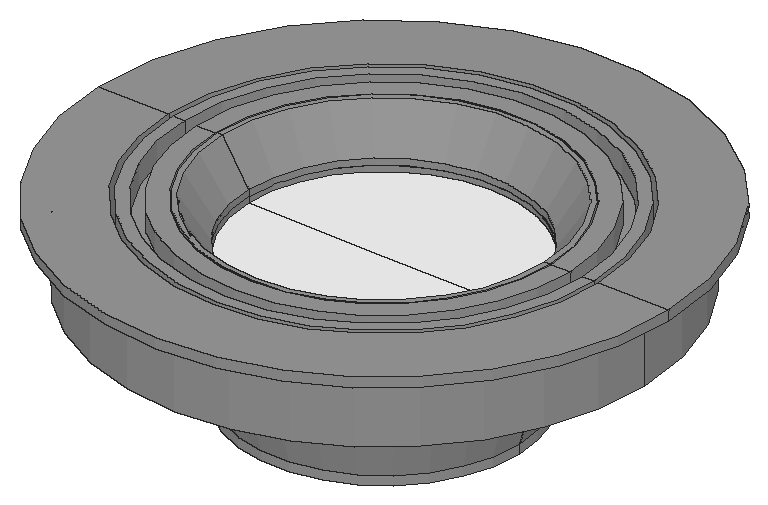
Revit family "0005337", category Lighting Fixtures, host Face, Revit 2017
Family settings
  Host = Face
  Round Connector Dimension = Use Diameter
  Part Type = Normal
  OmniClass Number = 23.80.70.00
  OmniClass Title = Lighting
  Cut with Voids When Loaded = No
  Light Source = No
  Shared = No
  Room Calculation Point = No
Parameters (values of type "0005337+0005334 Ludospot 111 Hous Rnd 180mm Cardan WHT + Ludospot 111 3550lm 940 MB")
  Weight = "n/a"
  Wattage Comments = ""
  WarrantyStartDate [instance] = "n/a"
  WarrantyGuarantorParts = "n/a"
  WarrantyDurationUnit = "n/a"
  WarrantyDurationParts = "n/a"
  WarrantyDescription = "n/a"
  Voltage = 230 V
  VerticalTiltAngle_SYL [instance] = 90.00°
  URL = "http://www.sylvania-lighting.com"
  TypeName = "Ludospot 111 Hous Rnd 180mm Cardan WHT + Ludospot 111 3550lm 940 MB"
  TypeLamp_SYL = Ludospot 111 Modules : 0005334 Ludospot 111 3550lm 940 MB
  Type Image = <None>
  Type Comments = "n/a"
  TrimHeight_SYL = 3 mm
  HorizontalTiltAngle_SYL [instance] = 0.00°
  SerialNumber [instance] = "n/a"
  RecessRadius_SYL = 82.5 mm
  RecessDepth_SYL = 100 mm
  RadiusTrim_SYL = 90 mm
  Material_3_SYL = none
  PowerFactor = 0.9
  PowerConsumption = "38 W"
  NominalLength = 180 mm
  NominalHeight = 0 mm
  NominalDepth = 180 mm
  Name = "Ludospot 111 Hous Rnd 180mm Cardan WHT + Ludospot 111 3550lm 940 MB"
  ModelReference = Name  # "Ludospot 111 Hous Rnd 180mm Cardan WHT + Ludospot 111 3550lm 940 MB"
  ModelNumber = "0005337+0005334"
  Model = Name  # "Ludospot 111 Hous Rnd 180mm Cardan WHT + Ludospot 111 3550lm 940 MB"
  Material = "aluminium housing"
  ManufacturerName = "Feilo Sylvania"
  Manufacturer = "Feilo Sylvania"
  LuminousEfficacy = "93 lm/W"
  LuminaireType = ""
  LightOutputRatio = "n/a"
  LampsType = Lamp  # "LED"
  LampNominalLuminous = "3550 lm"
  LampMacAdamStep = "3"
  LampColourTemperature = "4000 K"
  LampColourRenderingIndex = "90"
  Lamp = "LED"
  Keynote = "16500"
  InstallationDate [instance] = "n/a"
  InputVoltage = "220-240 V AC"
  InputNominalFrequency = "50/60 Hz"
  IngressProtection = "IP20"
  ImpactProtectionIndex = "IK03"
  IfcExportType = "IfcLightFixtureType"
  IfcExportAs = "IfcLightFixtureType"
  HorizontalEndAnfle_SYL [instance] = HorizontalTiltAngle_SYL + 180.00°  # 180.00°
  ElectricShockClassification = "n/a"
  DocumentationLiterature = "http://www.sylvania-lighting.com/product/en-int/products/0005337"
  DimmingControlOptions = "n/a"
  Material_2_SYL = none
  Description = ""
  Default Elevation = 1219.2 mm
  CreatedOn = "7/29/2019"
  CreatedBy = "@sylvania-lighting.com"
  Cost = 0
  built-in parameter 1114216 [instance] = (empty or 0)
  ClassificationValue = "EF_70_80"
  ClassificationName = "Uniclass2015"
  Material_1_SYL = PC/ABS Plastic
  BarCode [instance] = "n/a"
  AssetType = "Fixed"
  AssetIdentifier [instance] = "n/a"
  Assembly Code = "D5020200"
  Apparent Load = 0 VA
  Material_4_SYL = none
Types (4, lengths in mm): name | TypeName | TypeLamp_SYL | PowerConsumption | Name | ModelReference | ModelNumber | Model | LuminousEfficacy | LampNominalLuminous | LampColourTemperature
  0005337+0005334 Ludospot 111 Hous Rnd 180mm Cardan WHT + Ludospot 111 3550lm 940 MB | "Ludospot 111 Hous Rnd 180mm Cardan WHT + Ludospot 111 3550lm 940 MB" | Ludospot 111 Modules : 0005334 Ludospot 111 3550lm 940 MB | "38 W" | "Ludospot 111 Hous Rnd 180mm Cardan WHT + Ludospot 111 3550lm 940 MB" | "Ludospot 111 Hous Rnd 180mm Cardan WHT + Ludospot 111 3550lm 940 MB" | "0005337+0005334" | "Ludospot 111 Hous Rnd 180mm Cardan WHT + Ludospot 111 3550lm 940 MB" | "93 lm/W" | "3550 lm" | "4000 K"
  0005337+0005333 Ludospot 111 Hous Rnd 180mm Cardan WHT + Ludospot 111 3500lm 930 MB | "Ludospot 111 Hous Rnd 180mm Cardan WHT + Ludospot 111 3500lm 930 MB" | Ludospot 111 Modules : 0005333 Ludospot 111 3500lm 930 MB | "38 W" | "Ludospot 111 Hous Rnd 180mm Cardan WHT + Ludospot 111 3500lm 930 MB" | "Ludospot 111 Hous Rnd 180mm Cardan WHT + Ludospot 111 3500lm 930 MB" | "0005337+0005333" | "Ludospot 111 Hous Rnd 180mm Cardan WHT + Ludospot 111 3500lm 930 MB" | "92 lm/W" | "3500 lm" | "3000 K"
  0005337+0005332 Ludospot 111 Hous Rnd 180mm Cardan WHT + Ludospot 111 2225lm 940 MB | "Ludospot 111 Hous Rnd 180mm Cardan WHT + Ludospot 111 2225lm 940 MB" | Ludospot 111 Modules : 0005332 Ludospot 111 2225lm 940 MB | "24 W" | "Ludospot 111 Hous Rnd 180mm Cardan WHT + Ludospot 111 2225lm 940 MB" | "Ludospot 111 Hous Rnd 180mm Cardan WHT + Ludospot 111 2225lm 940 MB" | "0005337+0005332" | "Ludospot 111 Hous Rnd 180mm Cardan WHT + Ludospot 111 2225lm 940 MB" | "93 lm/W" | "2225 lm" | "4000 K"
  0005337+0005331 Ludospot 111 Hous Rnd 180mm Cardan WHT + Ludospot 111 2025lm 930 MB | "Ludospot 111 Hous Rnd 180mm Cardan WHT + Ludospot 111 2025lm 930 MB" | Ludospot 111 Modules : 0005331 Ludospot 111 2025lm 930 MB | "24 W" | "Ludospot 111 Hous Rnd 180mm Cardan WHT + Ludospot 111 2025lm 930 MB" | "Ludospot 111 Hous Rnd 180mm Cardan WHT + Ludospot 111 2025lm 930 MB" | "0005337+0005331" | "Ludospot 111 Hous Rnd 180mm Cardan WHT + Ludospot 111 2025lm 930 MB" | "84 lm/W" | "2025 lm" | "3000 K"
Reference planes
  plane 1 "Center (Front/Back)": y = 0
  plane 2: z = 0
  plane 3 "Center (Left/Right)": x = 0
  plane 4: x = -82.5
  plane 5: z = -100
  plane 6: x = -90
  plane 7: z = 3
  plane 8: x = -68
  plane 9: z = -21
  plane 10: z = -9.6
  plane 11: z = -11.6
  plane 12: x = -5
Forms (mm)
  Revolve 1, void
    sketch origin (0, 0, 0) x (1, 0, 0) y (0, 0, 1)
      loop
        line (0, 0) -> (-82.5, 0) -> (-82.5, -100) -> (0, -100) -> (0, 0)
      axis (0, 0) -> (0, -100)
    angle from 360 to 0
  Revolve 2, solid, material "PC/ABS Plastic" <- "Material_1_SYL"
    sketch origin (0, 0, 0) x (1, 0, 0) y (0, 0, 1)
      loop
        line (-90, 3) -> (-90, 0) -> (-82.5, 0) -> (-82.5, -21) -> (-68, -21) -> (-68, 3) -> (-90, 3)
      axis (0, 3) -> (0, -21)
    angle from 360 to 0
  Revolve 3, solid, not visible
    sketch origin (0, 0, 0) x (1, 0, 0) y (0, 0, 1)
      loop
        line (0, 3) -> (-5, 3) -> (-5, -9.6) -> (0, -9.6) -> (0, 3)
      axis (0, 3) -> (0, -9.6)
    angle from 0 <- "HorizontalTiltAngle_SYL" to 180 <- "HorizontalEndAnfle_SYL"
Dimensions and locks
  equal spacing: host sketch curve, plane 1 "Center (Front/Back)", host sketch curve
  equal spacing: host sketch curve, plane 3 "Center (Left/Right)", host sketch curve
  "RecessRadius_SYL": plane 3 "Center (Left/Right)" to plane 4
  "RecessDepth_SYL": plane 2 to plane 5
  "RadiusTrim_SYL": plane 3 "Center (Left/Right)" to plane 6
  "TrimHeight_SYL": plane 7 to plane 2
  locked: plane 3 "Center (Left/Right)" to plane 8 at 68
  locked: plane 2 to plane 9 at 21
  locked: plane 7 to plane 10 at 12.6
  locked: plane 10 to plane 11 at 2
  locked: plane 12 to plane 3 "Center (Left/Right)" at 5
  aligned and locked: plane 2 to host face
  aligned and locked: level to host face
  aligned and locked: Revolve 1 sketch curve to plane 3 "Center (Left/Right)"
  aligned and locked: host face to Revolve 1 sketch curve
  aligned and locked: plane 3 "Center (Left/Right)" to Revolve 1 sketch curve
  aligned and locked: Revolve 1 sketch curve to plane 4
  aligned and locked: plane 5 to Revolve 1 sketch curve
  aligned and locked: Revolve 2 sketch curve to plane 6
  aligned and locked: plane 7 to Revolve 2 sketch curve
  aligned and locked: Revolve 2 sketch curve to plane 8
  aligned and locked: Revolve 2 sketch curve to level
  aligned and locked: Revolve 2 sketch curve to plane 4
  aligned and locked: Revolve 2 sketch curve to plane 3 "Center (Left/Right)"
  aligned and locked: plane 9 to Revolve 2 sketch curve  (x2)
  aligned and locked: Revolve 3 sketch curve to Revolve 2
  aligned and locked: plane 3 "Center (Left/Right)" to Revolve 3 sketch curve
  aligned and locked: plane 10 to Revolve 3 sketch curve
  aligned and locked: Revolve 3 sketch curve to plane 12
  aligned and locked: Revolve 3 sketch curve to plane 3 "Center (Left/Right)"
  aligned and locked: nested 3 to nested 2
Automatic sketch dimensions
  plane 5 to Revolve 1 sketch curve = 509.6 mm
  Revolve 1 sketch curve to Revolve 1 sketch curve = 2609.058 mm
  plane 5 to Revolve 2 sketch curve = 509.6 mm
  Revolve 2 sketch curve to plane 7 = 2607.058 mm
  plane 5 to Revolve 3 sketch curve = 509.6 mm
  Revolve 3 sketch curve to Revolve 3 sketch curve = 2606.058 mm
Nested families
  nested 1: "0005337_verticalrotation" at (0, 0, 3) x (0, 0, -1) z (0, -1, 0), VerticalRotation_SYL <- "VerticalTiltAngle_SYL", type "Type Name"
    with VerticalRotation_SYL 90.00°, EndAngleV_SYL 270.00°
  nested 2: "0005337_inner_ring" at (0, 0, 3), type "Type 1"
    with WarrantyStartDate "n/a", SerialNumber "n/a", InstallationDate "n/a", built-in parameter 1114216 (empty or 0), BarCode "n/a", AssetIdentifier "n/a"
  nested 3: "Ludospot 111 Modules" at (0, 0, -11.6) x (-1, 0, 0) z (0, 0, 1), type "0005331 Ludospot 111 2025lm 930 MB"
    with WarrantyStartDate "n/a", SerialNumber "n/a", InstallationDate "n/a", built-in parameter 1114216 (empty or 0), BarCode "n/a", AssetIdentifier "n/a"
Definition of nested family "0005337_inner_ring"
  Parameters (values of type "Type 1")
    Wattage Comments = ""
    WarrantyStartDate [instance] = "n/a"
    WarrantyGuarantorParts = "n/a"
    WarrantyDurationUnit = "n/a"
    WarrantyDurationParts = "n/a"
    WarrantyDescription = "n/a"
    URL = "http://www.sylvania-lighting.com"
    TypeName = ""
    Type Image = (empty or 0)
    Type Comments = "n/a"
    SerialNumber [instance] = "n/a"
    Material_3_SYL = none
    NominalLength = 110 mm
    NominalHeight = 0 mm
    NominalDepth = 110 mm
    Name = ""
    ModelReference = Name  # ""
    ModelNumber = ""
    Model = Name  # ""
    Material = ""
    ManufacturerName = "Feilo Sylvania"
    Manufacturer = "Feilo Sylvania"
    Lamp = "LED"
    Keynote = "16500"
    InstallationDate [instance] = "n/a"
    IfcExportType = "IfcLightFixtureType"
    IfcExportAs = "IfcLightFixtureType"
    DocumentationLiterature = ""
    Material_2_SYL = none
    Description = ""
    Default Elevation = 1219.2 mm
    CreatedOn = "7/29/2019"
    CreatedBy = "@sylvania-lighting.com"
    Cost = 0
    built-in parameter 1114216 [instance] = (empty or 0)
    ClassificationValue = "EF_70_80"
    ClassificationName = "Uniclass2015"
    Material_1_SYL = none
    BarCode [instance] = "n/a"
    AssetType = "Fixed"
    AssetIdentifier [instance] = "n/a"
    Assembly Code = "D5020200"
    Apparent Load = 0 VA
    Material_4_SYL = none
  Reference planes
    plane 1 "Center (Front/Back)": y = 0
    plane 2: z = 0
    plane 3 "Center (Left/Right)": x = 0
    plane 4: z = -100
    plane 5: z = 0
    plane 6: x = -51
    plane 7: x = -52.6
    plane 8: x = -42.8
    plane 9: z = -12.6
    plane 10: z = -14.6
    plane 11: x = -55
    plane 12: z = -2
    plane 13: x = -53
    plane 14: x = -59
    plane 15: z = -6
    plane 16: z = -16
    plane 17: z = -32
    plane 18: x = -62.5
    plane 19: x = -56
    plane 20: x = -63
    plane 21: x = -66.5
  Forms (mm)
    Extrusion 1, solid
      sketch origin (4.2, 0, 0) x (1, 0, 0) y (0, 1, 0)
        loop
          line (-44.2, 40) -> (-44.2, -40) -> (35.8, -40) -> (35.8, 40) -> (-44.2, 40)
      from 0 to -68.017
    Revolve 2, solid, material <- "Material_1_SYL"
      sketch origin (0, 0, 0) x (1, 0, 0) y (0, 0, 1)
        loop
          line (-42.8, -12.6) -> (-51, 0) -> (-52.6, 0) -> (-52.6, -2) -> (-55, -2) -> (-55, -14.6) -> (-42.8, -14.6) -> (-42.8, -12.6)
        axis (0, 0) -> (0, -14.6)
      angle from 360 to 0
    Revolve 3, solid, material <- "Material_1_SYL"
      sketch origin (0, 0, 0) x (1, 0, 0) y (0, 0, 1)
        loop
          line (-53, 0) -> (-59, 0) -> (-59, -6) -> (-62.5, -6) -> (-62.5, -16) -> (-59, -16) -> (-59, -32) -> (-56, -32) -> (-56, -2) -> (-53, -2) -> (-53, 0)
        axis (0, 0) -> (0, -32)
      angle from 360 to 0
    Revolve 4, solid, material <- "Material_1_SYL"
      sketch origin (0, 0, 0) x (1, 0, 0) y (0, 0, 1)
        loop
          line (-66.5, 0) -> (-66.5, -32) -> (-63, -32) -> (-63, 0) -> (-66.5, 0)
        axis (0, 0) -> (0, -32)
      angle from 360 to 0
  Lines and regions (mm)
    reference lines
      curve 1: line (-51, 0, 0) -> (-42.8, 0, -12.6)
  Dimensions and locks
    equal spacing: Extrusion 1 sketch curve, plane 1 "Center (Front/Back)", Extrusion 1 sketch curve
    equal spacing: Extrusion 1 sketch curve, plane 3 "Center (Left/Right)", Extrusion 1 sketch curve
    locked: plane 3 "Center (Left/Right)" to plane 6 at 51
    locked: plane 6 to plane 7 at 1.6
    locked: plane 3 "Center (Left/Right)" to plane 8 at 42.8
    locked: plane 5 to plane 9 at 12.6
    locked: plane 9 to plane 10 at 2
    locked: plane 8 to plane 11 at 12.2
    locked: plane 5 to plane 12 at 2
    locked: plane 3 "Center (Left/Right)" to plane 13 at 53
    locked: plane 3 "Center (Left/Right)" to plane 14 at 59
    plane 5 to plane 15 to plane 16 to plane 17 = 6 mm locked, 10 mm locked, 16 mm locked
    locked: plane 3 "Center (Left/Right)" to plane 18 at 62.5
    locked: plane 3 "Center (Left/Right)" to plane 19 at 56
    locked: plane 18 to plane 20 at 0.5
    locked: plane 20 to plane 21 at 3.5
    aligned and locked: plane 2 to Extrusion 1
    aligned and locked: level to Extrusion 1
    aligned and locked: plane 5 to curve 1
    aligned and locked: plane 6 to curve 1
    aligned and locked: plane 8 to curve 1
    aligned and locked: plane 9 to curve 1
    aligned and locked: Revolve 2 sketch curve to plane 3 "Center (Left/Right)"
    aligned and locked: curve 1 to Revolve 2 sketch curve
    aligned and locked: plane 10 to Revolve 2 sketch curve  (x2)
    aligned and locked: Revolve 2 sketch curve to plane 8
    aligned and locked: Revolve 2 sketch curve to curve 1
    aligned and locked: Revolve 2 sketch curve to plane 5
    aligned and locked: plane 12 to Revolve 2 sketch curve
    aligned and locked: Revolve 2 sketch curve to plane 7
    aligned and locked: Revolve 2 sketch curve to plane 12
    aligned and locked: Revolve 2 sketch curve to plane 11
    aligned and locked: Revolve 3 sketch curve to plane 3 "Center (Left/Right)"
    aligned and locked: plane 13 to Revolve 3 sketch curve  (x3)
    aligned and locked: level to Revolve 3 sketch curve
    aligned and locked: Revolve 3 sketch curve to plane 14  (x2)
    aligned and locked: plane 15 to Revolve 3 sketch curve
    aligned and locked: Revolve 3 sketch curve to plane 18
    aligned and locked: Revolve 3 sketch curve to plane 16
    aligned and locked: plane 17 to Revolve 3 sketch curve
    aligned and locked: Revolve 3 sketch curve to plane 17
    aligned and locked: plane 19 to Revolve 3 sketch curve
    aligned and locked: plane 12 to Revolve 3 sketch curve
    aligned and locked: Revolve 4 sketch curve to plane 3 "Center (Left/Right)"
    aligned and locked: plane 5 to Revolve 4 sketch curve
    aligned and locked: plane 21 to Revolve 4 sketch curve
    aligned and locked: plane 17 to Revolve 4 sketch curve
    aligned and locked: Revolve 4 sketch curve to plane 20
Definition of nested family "Ludospot 111 Modules"
  Parameters (values of type "0005331 Ludospot 111 2025lm 930 MB")
    Weight = "n/a"
    Wattage Comments = ""
    Wattage = 24 W
    WarrantyStartDate [instance] = "n/a"
    WarrantyGuarantorParts = "n/a"
    WarrantyDurationUnit = "n/a"
    WarrantyDurationParts = "n/a"
    WarrantyDescription = "n/a"
    built-in parameter 1150110 = 1 (stored number, unit not read)
    Voltage = 230 V
    URL = "http://www.sylvania-lighting.com"
    TypeName = "Ludospot 111 2025lm 930 MB"
    Type Image = (empty or 0)
    Type Comments = "n/a"
    built-in parameter 1114217 = 1 (stored number, unit not read)
    Tilt Angle = -90.00°
    built-in parameter 1150109 = 1 (stored number, unit not read)
    built-in parameter 1150134 = (empty or 0)
    built-in parameter 1150113 = 1 (stored number, unit not read)
    SlopeHeight_SYL = if(S_SYL, 30 mm, 20 mm)  # 30 mm
    SerialNumber [instance] = "n/a"
    S_SYL = yes
    RingHeight_SYL = if(S_SYL, 2.6 mm, 3.6 mm)  # 2.6 mm
    Radius_SYL = 55.5 mm
    RadiusDiff_SYL = 42.8 mm
    Radius4_SYL = if(S_SYL, 52 mm, 47.4 mm)  # 52 mm
    Radius3_SYL = 53.8 mm
    Radius2_SYL = 52.4 mm
    Photometric Web File = "0005331.ies"
    Material_3_SYL = none
    PowerFactor = 0.9
    PowerConsumption = "24 W"
    NominalLength = 111 mm
    NominalHeight = 43 mm
    NominalDepth = 111 mm
    Name = "Ludospot 111 2025lm 930 MB"
    ModelReference = Name  # "Ludospot 111 2025lm 930 MB"
    ModelNumber = "0005331"
    Model = Name  # "Ludospot 111 2025lm 930 MB"
    Material = "aluminium housing"
    ManufacturerName = "Feilo Sylvania"
    Manufacturer = "Feilo Sylvania"
    LuminousEfficacy = "84 lm/W"
    built-in parameter 1150105 = 160.43 (stored number, unit not read)
    Lumens = 2016 lm
    LuminaireType = ""
    built-in parameter 1150115 = 1 (stored number, unit not read)
    LightOutputRatio = "n/a"
    built-in parameter 1150137 = (empty or 0)
    built-in parameter 1150139 = (empty or 0)
    LampsType = Lamp  # "LED"
    LampNominalLuminous = "2025 lm"
    LampMacAdamStep = "3"
    LampColourTemperature = "3000 K"
    LampColourRenderingIndex = "90"
    built-in parameter 1150112 = 1 (stored number, unit not read)
    built-in parameter 1150114 = 1 (stored number, unit not read)
    Lamp = "LED"
    Keynote = "16500"
    InstallationDate [instance] = "n/a"
    InputVoltage = "220-240 V AC"
    InputNominalFrequency = "50/60 Hz"
    built-in parameter 1150132 = (empty or 0)
    built-in parameter 1150102 = (empty or 0)
    built-in parameter 1150107 = 3000 (stored number, unit not read)
    built-in parameter 1150138 = (empty or 0)
    IngressProtection = "IP20"
    ImpactProtectionIndex = "IK03"
    built-in parameter 1150106 = 1.6043 (stored number, unit not read)
    IfcExportType = "IfcLightFixtureType"
    IfcExportAs = "IfcLightFixtureType"
    Height_SYL = if(S_SYL, 42.6 mm, 82.5 mm)  # 42.6 mm
    Emit from Circle Diameter = RadiusDiff_SYL * 2  # 85.6 mm
    Emit Shape Visible in Rendering = no
    ElectricShockClassification = "Class II"
    built-in parameter 1150104 = 7.8039 (stored number, unit not read)
    DocumentationLiterature = "http://www.sylvania-lighting.com/product/en-int/products/0005331"
    DimmingControlOptions = "n/a"
    Material_2_SYL = none
    Dimming Lamp Color Temperature Shift = (empty or 0)
    Description = ""
    Default Elevation = 1219.2 mm
    CreatedOn = "7/29/2019"
    CreatedBy = "@sylvania-lighting.com"
    Cost = 0
    Color Filter = 16777215
    built-in parameter 1114216 [instance] = (empty or 0)
    ClassificationValue = "EF_70_80"
    ClassificationName = "Uniclass2015"
    Material_1_SYL = none
    BarCode [instance] = "n/a"
    built-in parameter 1114218 = 1 (stored number, unit not read)
    built-in parameter 1150133 = 10 (stored number, unit not read)
    AssetType = "Fixed"
    AssetIdentifier [instance] = "n/a"
    Assembly Code = "D5020200"
    Apparent Load = 24 VA
    Material_4_SYL = none
  Types (4, lengths in mm): name | Wattage | TypeName | built-in parameter 1150134 | SlopeHeight_SYL | S_SYL | RingHeight_SYL | Radius4_SYL | Photometric Web File | PowerConsumption | NominalHeight | Name | ModelReference | ModelNumber | Model | LuminousEfficacy | built-in parameter 1150105 | Lumens | LampNominalLuminous | LampColourTemperature | built-in parameter 1150107 | built-in parameter 1150106 | Height_SYL | built-in parameter 1150104 | DocumentationLiterature | Apparent Load
    0005334 Ludospot 111 3550lm 940 MB | 38 W | "Ludospot 111 3550lm 940 MB" | 12 | 20 | no | 3.6 | 47.4 | "0005334.ies" | "38 W" | 80 | "Ludospot 111 3550lm 940 MB" | "Ludospot 111 3550lm 940 MB" | "0005334" | "Ludospot 111 3550lm 940 MB" | "93 lm/W" | 281.23 (stored number, unit not read) | 3534 lm | "3550 lm" | "4000 K" | 4000 (stored number, unit not read) | 2.8123 (stored number, unit not read) | 82.5 | 8.64 (stored number, unit not read) | "http://www.sylvania-lighting.com/product/en-int/products/0005334" | 38 VA
    0005333 Ludospot 111 3500lm 930 MB | 38 W | "Ludospot 111 3500lm 930 MB" | (empty or 0) | 20 | no | 3.6 | 47.4 | "0005333.ies" | "38 W" | 80 | "Ludospot 111 3500lm 930 MB" | "Ludospot 111 3500lm 930 MB" | "0005333" | "Ludospot 111 3500lm 930 MB" | "92 lm/W" | 278.2 (stored number, unit not read) | 3496 lm | "3500 lm" | "3000 K" | 3000 (stored number, unit not read) | 2.782 (stored number, unit not read) | 82.5 | 8.5471 (stored number, unit not read) | "http://www.sylvania-lighting.com/product/en-int/products/0005333" | 38 VA
    0005332 Ludospot 111 2225lm 940 MB | 24 W | "Ludospot 111 2225lm 940 MB" | 12 | 30 | yes | 2.6 | 52 | "0005332.ies" | "24 W" | 43 | "Ludospot 111 2225lm 940 MB" | "Ludospot 111 2225lm 940 MB" | "0005332" | "Ludospot 111 2225lm 940 MB" | "93 lm/W" | 177.62 (stored number, unit not read) | 2232 lm | "2225 lm" | "4000 K" | 4000 (stored number, unit not read) | 1.7762 (stored number, unit not read) | 42.6 | 8.64 (stored number, unit not read) | "http://www.sylvania-lighting.com/product/en-int/products/0005332" | 24 VA
    0005331 Ludospot 111 2025lm 930 MB | 24 W | "Ludospot 111 2025lm 930 MB" | (empty or 0) | 30 | yes | 2.6 | 52 | "0005331.ies" | "24 W" | 43 | "Ludospot 111 2025lm 930 MB" | "Ludospot 111 2025lm 930 MB" | "0005331" | "Ludospot 111 2025lm 930 MB" | "84 lm/W" | 160.43 (stored number, unit not read) | 2016 lm | "2025 lm" | "3000 K" | 3000 (stored number, unit not read) | 1.6043 (stored number, unit not read) | 42.6 | 7.8039 (stored number, unit not read) | "http://www.sylvania-lighting.com/product/en-int/products/0005331" | 24 VA
  Reference planes
    plane 1 "Center (Front/Back)": y = 0
    plane 2: z = 0
    plane 3 "Center (Left/Right)": x = 0
    plane 4: x = -55.5
    plane 5: z = -4.35
    plane 6: x = -52.4
    plane 7: z = -9.75
    plane 8: x = -42.8
    plane 9: z = -1.75
    plane 10: x = -53.8
    plane 11: x = -52
    plane 12: z = -39.75
    plane 13: z = 40.75
    plane 14: z = -42.6
  Forms (mm)
    Extrusion 1, solid
      sketch origin (1119.2, -1119.2, 0) x (1, 0, 0) y (0, 1, 0)
        loop
          line (-1219.2, 1219.2) -> (-1219.2, 1019.2) -> (-1019.2, 1019.2) -> (-1019.2, 1219.2) -> (-1219.2, 1219.2)
      from 0 to -10
    Revolve 2, solid, material <- "Material_1_SYL"
      sketch origin (0, 0, 0) x (1, 0, 0) y (0, 0, 1)
        loop
          line (0, -1.75) -> (-42.8, -1.75) -> (-42.8, 0) -> (-52.4, 0) -> (-52.4, -1.75) -> (-55.5, -1.75) -> (-55.5, -4.35) -> (-53.8, -4.35) -> (-53.8, -9.75) -> (-52, -9.75) -> (-42.8, -39.75) -> (-42.8, -42.6) -> (0, -42.6) -> (0, -1.75)
        axis (0, 0) -> (0, -42.6)
      angle from 360 to 0
  Dimensions and locks
    "Radius_SYL": plane 3 "Center (Left/Right)" to plane 4
    "Radius2_SYL": plane 3 "Center (Left/Right)" to plane 6
    "RadiusDiff_SYL": plane 3 "Center (Left/Right)" to plane 8
    locked: plane 2 to plane 9 at 1.75
    "RingHeight_SYL": plane 9 to plane 5
    locked: plane 5 to plane 7 at 5.4
    "Radius3_SYL": plane 3 "Center (Left/Right)" to plane 10
    "Radius4_SYL": plane 3 "Center (Left/Right)" to plane 11
    "SlopeHeight_SYL": plane 7 to plane 12
    "Height_SYL": level to plane 14
    aligned and locked: plane 2 to Extrusion 1
    aligned and locked: level to Extrusion 1
    aligned and locked: plane 3 "Center (Left/Right)" to imposter light
    aligned and locked: imposter light to plane 1 "Center (Front/Back)"
    aligned and locked: Revolve 2 sketch curve to plane 9  (x2)
    aligned and locked: plane 8 to Revolve 2 sketch curve
    aligned and locked: level to Revolve 2 sketch curve
    aligned and locked: Revolve 2 sketch curve to plane 6
    aligned and locked: Revolve 2 sketch curve to plane 4
    aligned and locked: plane 5 to Revolve 2 sketch curve
    aligned and locked: plane 7 to Revolve 2 sketch curve
    aligned and locked: plane 10 to Revolve 2 sketch curve
    aligned and locked: plane 12 to Revolve 2 sketch curve
    aligned and locked: Revolve 2 sketch curve to plane 8
    aligned and locked: plane 14 to Revolve 2 sketch curve
    aligned and locked: plane 3 "Center (Left/Right)" to Revolve 2 sketch curve
    aligned and locked: Revolve 2 sketch curve to plane 3 "Center (Left/Right)"
    aligned and locked: imposter light to plane 9
  Automatic sketch dimensions
    Extrusion 1 sketch curve to Extrusion 1 sketch curve = 200 mm  (x2)
    plane 11 to Revolve 2 sketch curve = 0 mm
    plane 14 to Revolve 2 sketch curve = 527.1 mm
    Revolve 2 sketch curve to plane 13 = 2568.308 mm
Definition of nested family "0005337_verticalrotation"
  Parameters (values of type "Type Name")
    VerticalRotation_SYL [instance] = -180.00°
    URL = "http://www.sylvania-lighting.com"
    Type Image = (empty or 0)
    Type Comments = "n/a"
    Material_3_SYL = none
    Model = ""
    Manufacturer = "Feilo Sylvania"
    Keynote = ""
    Material_2_SYL = none
    EndAngleV_SYL [instance] = VerticalRotation_SYL + 180.00°  # 0.00°
    Description = ""
    Default Elevation = 1219.2 mm
    Cost = 0
    Material_1_SYL = none
    Assembly Code = ""
    Material_4_SYL = none
  Reference planes
    plane 1 "Center (Front/Back)": y = 0
    plane 2: z = 0
    plane 3 "Center (Left/Right)": x = 0
    plane 4: x = -10
    plane 5: z = 10
    plane 6: z = -10
  Forms (mm)
    Extrusion 1, solid
      sketch origin (1119.2, -1119.2, 0) x (1, 0, 0) y (0, 1, 0)
        loop
          line (-1219.2, 1219.2) -> (-1219.2, 1019.2) -> (-1019.2, 1019.2) -> (-1019.2, 1219.2) -> (-1219.2, 1219.2)
      from 0 to -68.017
    Revolve 2, solid, not visible
      sketch origin (0, 0, 0) x (1, 0, 0) y (0, 0, 1)
        loop
          line (0, 10) -> (-10, 10) -> (-10, -10) -> (0, -10) -> (0, 10)
        axis (0, 10) -> (0, -10)
      angle from -180 <- "VerticalRotation_SYL" to 0 <- "EndAngleV_SYL"
  Dimensions and locks
    locked: plane 3 "Center (Left/Right)" to plane 4 at 10
    plane 5 to level to plane 6 = 10 mm locked, 10 mm locked
    aligned and locked: plane 2 to Extrusion 1
    aligned and locked: level to Extrusion 1
    aligned and locked: plane 5 to Revolve 2 sketch curve
    aligned and locked: plane 3 "Center (Left/Right)" to Revolve 2 sketch curve
    aligned and locked: Revolve 2 sketch curve to plane 6
    aligned and locked: Revolve 2 sketch curve to plane 4
    aligned and locked: Revolve 2 sketch curve to plane 3 "Center (Left/Right)"
